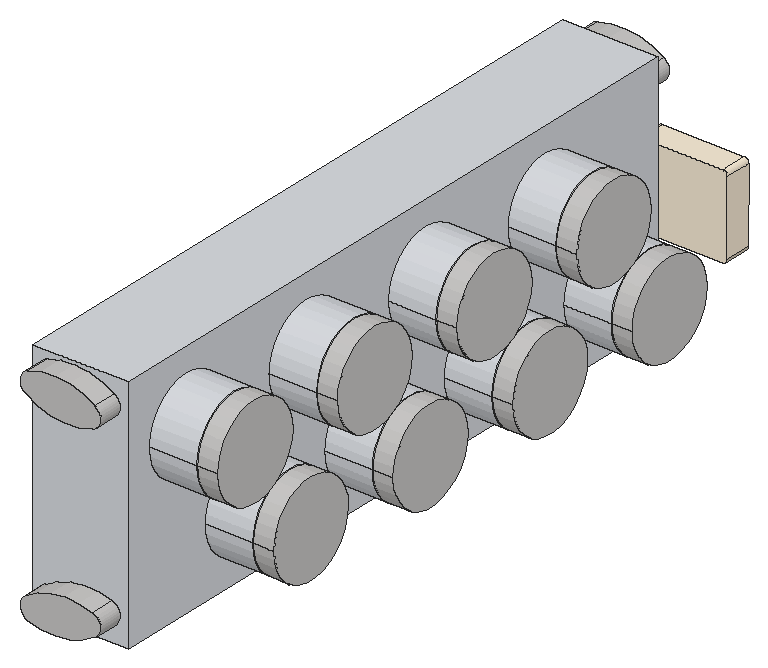
Revit family "HVAC_Ductwork_Airzone_Motorized-Plenum_Fujitsu_Standard_8-Dampers", category Mechanical Equipment, Revit 2016
Family settings
  Part Type = Normal
  Round Connector Dimension = Use Diameter
  OmniClass Number = 23.75.70.14
  OmniClass Title = Air Ductwork
  Work Plane-Based = No
  Always vertical = Yes
  Cut with Voids When Loaded = No
  Shared = No
  Room Calculation Point = No
Parameters (values of type "FUJST01L8")
  Voltage = 230 V
  URL = "www.airzone.es"
  Type Image Comments = "Image available in product documentation download"  # constant formula
  Revit Model Version = "1.0"  # constant formula
  Revit Model Author URL = "www.a3d.es"
  Revit Model Author = "A3D Consulting"  # constant formula
  Product Documentation Download URL = "http://doc.airzone.es/BIM/Easyzone/Fujitsu-Airzone_motorized_plenum.zip"
  Product Comments = "Refer to technical documentation for further details"  # constant formula
  Power Factor = 1
  Neck Width = 1079.500 mm
  Neck Length = 95.000 mm
  Neck Height = 198.600 mm
  Material = Metal - AIRZONE - Galvanized Sheet - Semi-polished
  Main Control Board Material = Plastic - AIRZONE - Smooth - Off-white
  Load Classification = Other
  Insulated Body Width = 205.000 mm  # constant formula
  Insulated Body Material = Metal -AIRZONE - Insulating Lining -Aluminum Finish
  Insulated Body Length = 1425.000 mm  # constant formula
  Insulated Body Height = 515.000 mm  # constant formula
  Fresh Air Inlet 4 Flow [instance] = 0 m³/h
  Fresh Air Inlet 3 Flow [instance] = 0 m³/h
  Flow [instance] = Damper 8 Air Flow + Damper 7 Air Flow + Damper 6 Air Flow + Damper 5 Air Flow + Damper 4 Air Flow + Damper 3 Air Flow + Damper 2 Air Flow + Damper 1 Air Flow - Fresh Air Inlet 4 Flow - Fresh Air Inlet 3 Flow - Fresh Air Inlet 2 Flow - Fresh Air Inlet 1 Flow  # 2400 m³/h
  Fresh Air Inlet 1 Flow [instance] = 0 m³/h
  Fresh Air Inlet 2 Flow [instance] = 0 m³/h
  Fresh Air Inlet Connection Width = 175.000 mm
  Fresh Air Inlet Connection Height = 75.000 mm
  Model = "FUJST01L8"
  Neck Side Offset = 172.800 mm
  Neck Bottom Offset = 165.700 mm
  Type Image = <None>
  Manufacturer = "AIRZONE"  # constant formula
  Main Control Board Depth = 57.000 mm  # constant formula
  Main Control Board Width = 195.000 mm  # constant formula
  Main Control Board Height = 180.000 mm  # constant formula
  Fixing = ""
  Disclaimer = "All information provided in this model is reviewed before being published. However, Airzone cannot guarantee this model is error-free, therefore users are strongly encouraged to check for technical documentation and updates"  # constant formula
  Description = "Airzone standard motorized plenum with neck that mechanically adapts to the main ducted AC units of Fujitsu."
  Type Comments = ""
  Dampers Length = 149.000 mm  # constant formula
  Dampers Diameter = 200.000 mm  # constant formula
  Damper 8 Air Flow [instance] = 300 m³/h
  Damper 7 Air Flow [instance] = 300 m³/h
  Damper 6 Air Flow [instance] = 300 m³/h
  Damper 5 Air Flow [instance] = 300 m³/h
  Damper 4 Air Flow [instance] = 300 m³/h
  Damper 1 Air Flow [instance] = 300 m³/h
  Damper 2 Air Flow [instance] = 300 m³/h
  Damper 3 Air Flow [instance] = 300 m³/h
  Fresh Air Inlet Connection Offset Height = 48.305 mm  # constant formula
  Compatible Accesories = ""
  Apparent Load = 57.5 VA
Types (2, lengths in mm): name | Neck Width | Neck Height | Model | Neck Side Offset | Neck Bottom Offset
  FUJST03L8 | 1165.600 | 220.600 | "FUJST03L8" | 194.700 | 162.700
  FUJST01L8 | 1079.500 | 198.600 | "FUJST01L8" | 172.800 | 165.700
Reference planes
  plane 1 "Center (Front/Back)": y = 0
  plane 2 "Center (Elevation)": z = 0
  plane 3 "Center (Left/Right)": x = 0
  plane 4 "Neck Back": y = 539.75
  plane 5 "Neck Front": y = -539.75
  plane 6 "Neck Top": z = 99.3
  plane 7 "Neck Bottom": z = -99.3
  plane 8 "Left": x = 95
  plane 9 "Bottom": z = -265
  plane 10 "Top": z = 250
  plane 11 "Front": y = -712.45
  plane 12 "Back": y = 712.55
  plane 13 "Right": x = 300
  plane 14 "Dampers Front": x = 449
  plane 15 "Dampers L1 Center (Elevation)": z = 100
  plane 16 "Damper3": y = -235.79
  plane 17 "Damper2": y = 85.88
  plane 18 "Damper1": y = 407.55
  plane 19 "Middle": y = 0.05
  plane 20 "FreshAir L2 Center (Elevation)": z = -216.695
  plane 21 "FreshAir1": y = 765.05
  plane 22 "FreshAir2": y = -764.95
  plane 23 "Dampers Lining": x = 404
  plane 24 "FreshAir Vertical Axis": x = 195.83
  plane 25 "ConnectionBox Side": x = 254
  plane 26 "Main Control Board Center (Left/Right)": x = 351.5
  plane 27 "Damper4": y = -557.46
  plane 28 "Dampers L2 Center (Elevation)": z = -115
  plane 29 "Damper5": y = 557.56
  plane 30 "Damper6": y = 235.89
  plane 31 "Damper7": y = -85.78
  plane 32 "Damper8": y = -407.45
  plane 33 "InsulatedBody Center (Elevation)": z = -7.5
  plane 34 "FreshAir L1 Center (Elevation)": z = 201.695
Forms (mm)
  Extrusion 1, solid, material "Metal - AIRZONE - Galvanized Sheet - Semi-polished" <- "Material"
    sketch origin (0, 0, 0) x (0, 1, 0) y (0, 0, 1)
      loop
        line (-539.75, 99.3) -> (-539.75, -99.3) -> (539.75, -99.3) -> (539.75, 99.3) -> (-539.75, 99.3)
    from 0 to 95
  Extrusion 2, solid, material "Metal -AIRZONE - Insulating Lining -Aluminum Finish" <- "Insulated Body Material"
    sketch origin (95, 0, 0) x (0, 1, 0) y (0, 0, 1)
      loop
        line (-712.45, 250) -> (-712.45, -265) -> (712.55, -265) -> (712.55, 250) -> (-712.45, 250)
    from 0 to 205
  Extrusion 3, solid, material "Metal - AIRZONE - Galvanized Sheet - Semi-polished" <- "Material"
    sketch origin (300, 0, 0) x (0, 1, 0) y (0, 0, 1)
      loop
        circle (-235.79, 100) r 100
    from 104 to 149
  Extrusion 4, solid, material "Metal - AIRZONE - Galvanized Sheet - Semi-polished" <- "Material"
    sketch origin (300, 0, 0) x (0, 1, 0) y (0, 0, 1)
      loop
        circle (85.88, 100) r 100
    from 104 to 149
  Extrusion 5, solid, material "Metal - AIRZONE - Galvanized Sheet - Semi-polished" <- "Material"
    sketch origin (300, 0, 0) x (0, 1, 0) y (0, 0, 1)
      loop
        circle (407.55, 100) r 100
    from 104 to 149
  Extrusion 6, solid, material "Metal - AIRZONE - Galvanized Sheet - Semi-polished" <- "Material"
    sketch origin (0, -712.45, 0) x (0, 0, 1) y (1, 0, 0)
      loop
        arc (-184.141, 265.204) -> (-205.608, 282.105) -> (-230.312, 270.434) r 25.96
        arc (-230.312, 270.434) -> (-256.302, 200.598) -> (-248.849, 126.456) r 164.67
        arc (-248.849, 126.456) -> (-227.665, 109.589) -> (-202.994, 120.751) r 25.96
        arc (-202.994, 120.751) -> (-176.725, 190.78) -> (-184.141, 265.204) r 164.67
    from 0 to -52.5
  Extrusion 7, solid, material "Metal - AIRZONE - Galvanized Sheet - Semi-polished" <- "Material"
    sketch origin (0, 712.55, 0) x (0, 0, 1) y (1, 0, 0)
      loop
        arc (-184.141, 265.204) -> (-205.325, 282.071) -> (-229.996, 270.909) r 25.96
        arc (-229.996, 270.909) -> (-256.179, 201.53) -> (-249.267, 127.699) r 164.67
        arc (-249.267, 127.699) -> (-228.032, 109.637) -> (-202.678, 121.226) r 25.96
        arc (-202.678, 121.226) -> (-176.688, 191.062) -> (-184.141, 265.204) r 164.67
    from 0 to 52.5
  Extrusion 8, solid, material "Metal -AIRZONE - Insulating Lining -Aluminum Finish" <- "Insulated Body Material"
    sketch origin (300, 0, 0) x (0, 1, 0) y (0, 0, 1)
      loop
        circle (407.55, 100) r 100
    from 0 to 104
  Extrusion 9, solid, material "Metal -AIRZONE - Insulating Lining -Aluminum Finish" <- "Insulated Body Material"
    sketch origin (300, -260, 0) x (0, 1, 0) y (0, 0, 1)
      loop
        circle (345.88, 100) r 100
    from 0 to 104
  Extrusion 10, solid, material "Metal -AIRZONE - Insulating Lining -Aluminum Finish" <- "Insulated Body Material"
    sketch origin (300, -520, 0) x (0, 1, 0) y (0, 0, 1)
      loop
        circle (284.21, 100) r 100
    from 0 to 104
  Extrusion 11, solid, material "Metal - AIRZONE - Galvanized Sheet - Semi-polished" <- "Material"
    sketch origin (300, -190, 0) x (0, 1, 0) y (0, 0, 1)
      loop
        circle (-367.46, 100) r 100
    from 104 to 149
  Extrusion 12, solid, material "Metal -AIRZONE - Insulating Lining -Aluminum Finish" <- "Insulated Body Material"
    sketch origin (300, -710, 0) x (0, 1, 0) y (0, 0, 1)
      loop
        circle (152.54, 100) r 100
    from 0 to 104
  Extrusion 13, solid, material "Metal -AIRZONE - Insulating Lining -Aluminum Finish" <- "Insulated Body Material"
    sketch origin (300, -100, 0) x (0, 1, 0) y (0, 0, 1)
      loop
        circle (657.56, -115) r 100
    from 0 to 104
  Extrusion 14, solid, material "Metal - AIRZONE - Galvanized Sheet - Semi-polished" <- "Material"
    sketch origin (300, 150.01, 0) x (0, 1, 0) y (0, 0, 1)
      loop
        circle (407.55, -115) r 100
    from 104 to 149
  Extrusion 15, solid, material "Metal -AIRZONE - Insulating Lining -Aluminum Finish" <- "Insulated Body Material"
    sketch origin (300, -421.67, 0) x (0, 1, 0) y (0, 0, 1)
      loop
        circle (657.56, -115) r 100
    from 0 to 104
  Extrusion 16, solid, material "Metal - AIRZONE - Galvanized Sheet - Semi-polished" <- "Material"
    sketch origin (300, -171.66, 0) x (0, 1, 0) y (0, 0, 1)
      loop
        circle (407.55, -115) r 100
    from 104 to 149
  Extrusion 17, solid, material "Metal -AIRZONE - Insulating Lining -Aluminum Finish" <- "Insulated Body Material"
    sketch origin (300, -743.34, 0) x (0, 1, 0) y (0, 0, 1)
      loop
        circle (657.56, -115) r 100
    from 0 to 104
  Extrusion 18, solid, material "Metal - AIRZONE - Galvanized Sheet - Semi-polished" <- "Material"
    sketch origin (300, -493.33, 0) x (0, 1, 0) y (0, 0, 1)
      loop
        circle (407.55, -115) r 100
    from 104 to 149
  Extrusion 19, solid, material "Metal -AIRZONE - Insulating Lining -Aluminum Finish" <- "Insulated Body Material"
    sketch origin (300, -1065.01, 0) x (0, 1, 0) y (0, 0, 1)
      loop
        circle (657.56, -115) r 100
    from 0 to 104
  Extrusion 20, solid, material "Metal - AIRZONE - Galvanized Sheet - Semi-polished" <- "Material"
    sketch origin (300, -815, 0) x (0, 1, 0) y (0, 0, 1)
      loop
        circle (407.55, -115) r 100
    from 104 to 149
  Extrusion 21, solid, material "Metal - AIRZONE - Galvanized Sheet - Semi-polished" <- "Material"
    sketch origin (0, -712.45, -30) x (0, 0, -1) y (-1, 0, 0)
      loop
        arc (-199.141, -265.204) -> (-191.725, -190.78) -> (-217.994, -120.751) r 164.67
        arc (-217.994, -120.751) -> (-242.665, -109.589) -> (-263.849, -126.456) r 25.96
        arc (-263.849, -126.456) -> (-271.302, -200.598) -> (-245.312, -270.434) r 164.67
        arc (-245.312, -270.434) -> (-220.608, -282.105) -> (-199.141, -265.204) r 25.96
    from 0 to -52.5
  Extrusion 22, solid, material "Metal - AIRZONE - Galvanized Sheet - Semi-polished" <- "Material"
    sketch origin (0, 712.55, -30) x (0, 0, -1) y (-1, 0, 0)
      loop
        arc (-199.141, -265.204) -> (-191.688, -191.062) -> (-217.678, -121.226) r 164.67
        arc (-217.678, -121.226) -> (-243.032, -109.637) -> (-264.267, -127.699) r 25.96
        arc (-264.267, -127.699) -> (-271.179, -201.53) -> (-244.996, -270.909) r 164.67
        arc (-244.996, -270.909) -> (-220.325, -282.071) -> (-199.141, -265.204) r 25.96
    from 0 to 52.5
Lines and regions (mm)
  Masking region 1
    outline origin (0, 0, 0) x (1, 0, 0) y (0, 1, 0)
      loop
        line (95, 712.55) -> (95, -712.45) -> (300, -712.45) -> (300, 712.55) -> (95, 712.55)
  Masking region 2, detail levels medium+fine
    outline origin (0, 0, 0) x (1, 0, 0) y (0, 1, 0)
      loop
        line (0, 539.75) -> (0, -539.75) -> (95, -539.75) -> (95, 539.75) -> (0, 539.75)
  Masking region 3, detail levels medium+fine
    outline origin (0, 0, -216.695) x (1, 0, 0) y (0, 1, 0)
      loop
        line (108.33, 765.05) -> (108.33, 712.55) -> (283.33, 712.55) -> (283.33, 765.05) -> (108.33, 765.05)
  Masking region 4, detail levels medium+fine
    outline origin (0, 0, -216.695) x (1, 0, 0) y (0, 1, 0)
      loop
        line (108.33, -712.45) -> (108.33, -764.95) -> (283.33, -764.95) -> (283.33, -712.45) -> (108.33, -712.45)
  Masking region 5, detail levels medium+fine
    outline origin (0, 0, 0) x (1, 0, 0) y (0, 1, 0)
      loop
        line (254, 769.55) -> (254, 712.55) -> (449, 712.55) -> (449, 769.55) -> (254, 769.55)
  Masking region 6, detail levels medium+fine
    outline origin (0, 0, 100) x (0, -1, 0) y (1, 0, 0)
      loop
        line (457.46, 300) -> (657.46, 300) -> (657.46, 449) -> (457.46, 449) -> (457.46, 300)
  Masking region 7, detail levels medium+fine
    outline origin (0, 321.67, 100) x (0, -1, 0) y (1, 0, 0)
      loop
        line (457.46, 300) -> (657.46, 300) -> (657.46, 449) -> (457.46, 449) -> (457.46, 300)
  Masking region 8, detail levels medium+fine
    outline origin (0, 643.34, 100) x (0, -1, 0) y (1, 0, 0)
      loop
        line (457.46, 300) -> (657.46, 300) -> (657.46, 449) -> (457.46, 449) -> (457.46, 300)
  Masking region 9, detail levels medium+fine
    outline origin (0, 965.01, 100) x (0, -1, 0) y (1, 0, 0)
      loop
        line (457.46, 300) -> (657.46, 300) -> (657.46, 449) -> (457.46, 449) -> (457.46, 300)
  Masking region 10, detail levels medium+fine
    outline origin (0, 0, -115) x (0, -1, 0) y (1, 0, 0)
      loop
        line (-657.56, 300) -> (-457.56, 300) -> (-457.56, 449) -> (-657.56, 449) -> (-657.56, 300)
  Masking region 11, detail levels medium+fine
    outline origin (0, -321.67, -115) x (0, -1, 0) y (1, 0, 0)
      loop
        line (-657.56, 300) -> (-457.56, 300) -> (-457.56, 449) -> (-657.56, 449) -> (-657.56, 300)
  Masking region 12, detail levels medium+fine
    outline origin (0, -643.34, -115) x (0, -1, 0) y (1, 0, 0)
      loop
        line (-657.56, 300) -> (-457.56, 300) -> (-457.56, 449) -> (-657.56, 449) -> (-657.56, 300)
  Masking region 13, detail levels medium+fine
    outline origin (0, -965.01, -115) x (0, -1, 0) y (1, 0, 0)
      loop
        line (-657.56, 300) -> (-457.56, 300) -> (-457.56, 449) -> (-657.56, 449) -> (-657.56, 300)
  symbolic lines, detail levels coarse
    curve 1: line (95, -712.45, 0) -> (300, 0.05, 0)
    curve 2: line (300, 0.05, 0) -> (95, 712.55, 0)
Dimensions and locks
  equal spacing: plane 4 "Neck Back", plane 1 "Center (Front/Back)", plane 5 "Neck Front"
  "Neck Width": plane 4 "Neck Back" to plane 5 "Neck Front"
  equal spacing: plane 6 "Neck Top", level, plane 7 "Neck Bottom"
  "Neck Height": plane 6 "Neck Top" to plane 7 "Neck Bottom"
  "Neck Length": plane 3 "Center (Left/Right)" to plane 8 "Left"
  "Neck Bottom Offset": plane 7 "Neck Bottom" to plane 9 "Bottom"
  "Insulated Body Height": plane 10 "Top" to plane 9 "Bottom"
  "Insulated Body Length": plane 12 "Back" to plane 11 "Front"
  "Insulated Body Width": plane 8 "Left" to plane 13 "Right"
  "Dampers Length": plane 13 "Right" to plane 14 "Dampers Front"
  equal spacing: plane 12 "Back", plane 19 "Middle", plane 11 "Front"
  plane 8 "Left" to plane 13 "Right" = 205.000 mm
  "Fresh Air Inlet Connection Offset Height": plane 20 "FreshAir L2 Center (Elevation)" to plane 9 "Bottom"
  locked: Extrusion 6 sketch curve to plane 9 "Bottom" at 56.47
  locked: plane 13 "Right" to Extrusion 6 sketch curve at 43.69
  locked: plane 13 "Right" to Extrusion 6 sketch curve at 164.65
  locked: Extrusion 6 sketch curve to plane 9 "Bottom" at 40.54
  locked: plane 13 "Right" to Extrusion 6 sketch curve at 87.91
  locked: plane 9 "Bottom" to Extrusion 6 sketch curve at 75.01
  locked: plane 13 "Right" to Extrusion 6 sketch curve at 120.43
  locked: Extrusion 6 sketch curve to plane 9 "Bottom" at 172.02
  locked: plane 13 "Right" to Extrusion 7 sketch curve at 43.69
  locked: Extrusion 7 sketch curve to plane 9 "Bottom" at 56.47
  locked: Extrusion 7 sketch curve to plane 9 "Bottom" at 40.54
  locked: plane 13 "Right" to Extrusion 7 sketch curve at 164.65
  locked: plane 13 "Right" to Extrusion 7 sketch curve at 120.43
  locked: Extrusion 7 sketch curve to plane 9 "Bottom" at 172.02
  locked: plane 9 "Bottom" to Extrusion 7 sketch curve at 75.01
  locked: plane 13 "Right" to Extrusion 7 sketch curve at 87.91
  "Neck Side Offset": plane 12 "Back" to plane 4 "Neck Back"
  locked: plane 21 "FreshAir1" to plane 12 "Back" at 52.5
  plane 11 "Front" to plane 22 "FreshAir2" = 52.500 mm
  locked: connector elem to plane 13 "Right" at 104.17
  locked: plane 20 "FreshAir L2 Center (Elevation)" to connector elem
  locked: plane 13 "Right" to connector elem at 104.17
  locked: connector elem to plane 20 "FreshAir L2 Center (Elevation)"
  locked: plane 23 "Dampers Lining" to plane 14 "Dampers Front" at 45
  locked: plane 24 "FreshAir Vertical Axis" to plane 13 "Right" at 104.17
  equal spacing: Masking region 3 sketch curve, plane 24 "FreshAir Vertical Axis", Masking region 3 sketch curve
  "Fresh Air Inlet Connection Width": Masking region 3 sketch curve to Masking region 3 sketch curve
  equal spacing: Masking region 4 sketch curve, plane 24 "FreshAir Vertical Axis", Masking region 4 sketch curve
  "Fresh Air Inlet Connection Width": Masking region 4 sketch curve to Masking region 4 sketch curve
  "Main Control Board Depth": Masking region 5 sketch curve to plane 12 "Back"
  "Main Control Board Width": plane 25 "ConnectionBox Side" to plane 14 "Dampers Front"
  equal spacing: plane 25 "ConnectionBox Side", plane 26 "Main Control Board Center (Left/Right)", plane 14 "Dampers Front"
  equal spacing: Masking region 6 sketch curve, plane 27 "Damper4", Masking region 6 sketch curve
  "Dampers Diameter": Masking region 6 sketch curve to Masking region 6 sketch curve
  plane 18 "Damper1" to plane 17 "Damper2" to plane 16 "Damper3" to plane 27 "Damper4" = 321.670 mm locked, 321.670 mm locked, 321.670 mm locked
  locked: plane 17 "Damper2" to plane 19 "Middle" at 85.83
  locked: plane 10 "Top" to plane 15 "Dampers L1 Center (Elevation)" at 150
  locked: plane 28 "Dampers L2 Center (Elevation)" to plane 9 "Bottom" at 150
  plane 29 "Damper5" to plane 30 "Damper6" to plane 31 "Damper7" to plane 32 "Damper8" = 321.670 mm locked, 321.670 mm locked, 321.670 mm locked
  locked: plane 19 "Middle" to plane 31 "Damper7" at 85.83
  equal spacing: Masking region 7 sketch curve, plane 16 "Damper3", Masking region 7 sketch curve
  "Dampers Diameter": Masking region 7 sketch curve to Masking region 7 sketch curve
  equal spacing: Masking region 8 sketch curve, plane 17 "Damper2", Masking region 8 sketch curve
  "Dampers Diameter": Masking region 8 sketch curve to Masking region 8 sketch curve
  equal spacing: Masking region 9 sketch curve, plane 18 "Damper1", Masking region 9 sketch curve
  "Dampers Diameter": Masking region 9 sketch curve to Masking region 9 sketch curve
  equal spacing: Masking region 10 sketch curve, plane 29 "Damper5", Masking region 10 sketch curve
  "Dampers Diameter": Masking region 10 sketch curve to Masking region 10 sketch curve
  equal spacing: Masking region 11 sketch curve, plane 30 "Damper6", Masking region 11 sketch curve
  "Dampers Diameter": Masking region 11 sketch curve to Masking region 11 sketch curve
  equal spacing: Masking region 12 sketch curve, plane 31 "Damper7", Masking region 12 sketch curve
  "Dampers Diameter": Masking region 12 sketch curve to Masking region 12 sketch curve
  equal spacing: Masking region 13 sketch curve, plane 32 "Damper8", Masking region 13 sketch curve
  "Dampers Diameter": Masking region 13 sketch curve to Masking region 13 sketch curve
  equal spacing: plane 10 "Top", plane 33 "InsulatedBody Center (Elevation)", plane 9 "Bottom"
  locked: plane 13 "Right" to Extrusion 21 sketch curve at 43.69
  locked: plane 13 "Right" to Extrusion 21 sketch curve at 87.91
  locked: plane 13 "Right" to Extrusion 21 sketch curve at 120.43
  locked: plane 13 "Right" to Extrusion 21 sketch curve at 164.65
  locked: Extrusion 21 sketch curve to plane 10 "Top" at 75.01
  locked: plane 10 "Top" to Extrusion 21 sketch curve at 40.54
  locked: plane 10 "Top" to Extrusion 21 sketch curve at 56.47
  locked: plane 10 "Top" to Extrusion 21 sketch curve at 172.02
  locked: plane 10 "Top" to Extrusion 22 sketch curve at 75.01
  locked: Extrusion 22 sketch curve to plane 10 "Top" at 40.54
  locked: Extrusion 22 sketch curve to plane 10 "Top" at 56.47
  locked: Extrusion 22 sketch curve to plane 10 "Top" at 172.02
  locked: plane 13 "Right" to Extrusion 22 sketch curve at 43.69
  locked: plane 13 "Right" to Extrusion 22 sketch curve at 87.91
  locked: plane 13 "Right" to Extrusion 22 sketch curve at 120.43
  locked: plane 13 "Right" to Extrusion 22 sketch curve at 164.65
  "Fresh Air Inlet Connection Offset Height": plane 10 "Top" to plane 34 "FreshAir L1 Center (Elevation)"
  locked: connector elem to plane 24 "FreshAir Vertical Axis"  (x2)
  locked: connector elem to plane 34 "FreshAir L1 Center (Elevation)"  (x2)
  "Dampers Diameter": diameter of Extrusion 3 sketch curve
  "Dampers Diameter": diameter of Extrusion 4 sketch curve
  "Dampers Diameter": diameter of Extrusion 5 sketch curve
  radius of Extrusion 7 sketch curve = 164.670 mm  (x2)
  radius of Extrusion 7 sketch curve = 25.960 mm  (x2)
  radius of Extrusion 6 sketch curve = 164.670 mm  (x2)
  radius of Extrusion 6 sketch curve = 25.960 mm  (x2)
  "Dampers Diameter": diameter of Extrusion 8 sketch curve
  "Dampers Diameter": diameter of Extrusion 9 sketch curve
  "Dampers Diameter": diameter of Extrusion 10 sketch curve
  "Dampers Diameter": diameter of Extrusion 11 sketch curve
  "Dampers Diameter": diameter of Extrusion 12 sketch curve
  "Dampers Diameter": diameter of Extrusion 13 sketch curve
  "Dampers Diameter": diameter of Extrusion 14 sketch curve
  "Dampers Diameter": diameter of Extrusion 15 sketch curve
  "Dampers Diameter": diameter of Extrusion 16 sketch curve
  "Dampers Diameter": diameter of Extrusion 17 sketch curve
  "Dampers Diameter": diameter of Extrusion 18 sketch curve
  "Dampers Diameter": diameter of Extrusion 19 sketch curve
  "Dampers Diameter": diameter of Extrusion 20 sketch curve
  radius of Extrusion 21 sketch curve = 164.670 mm  (x2)
  radius of Extrusion 21 sketch curve = 25.960 mm  (x2)
  radius of Extrusion 22 sketch curve = 164.670 mm  (x2)
  radius of Extrusion 22 sketch curve = 25.960 mm  (x2)
  aligned and locked: level to plane 2 "Center (Elevation)"
  aligned and locked: plane 5 "Neck Front" to Extrusion 1 sketch curve
  aligned and locked: Extrusion 1 sketch curve to plane 6 "Neck Top"
  aligned and locked: Extrusion 1 sketch curve to plane 4 "Neck Back"
  aligned and locked: plane 7 "Neck Bottom" to Extrusion 1 sketch curve
  aligned and locked: Extrusion 1 to plane 3 "Center (Left/Right)"
  aligned and locked: Extrusion 2 sketch curve to plane 10 "Top"
  aligned and locked: Extrusion 2 sketch curve to plane 12 "Back"
  aligned and locked: plane 9 "Bottom" to Extrusion 2 sketch curve
  aligned and locked: plane 11 "Front" to Extrusion 2 sketch curve
  aligned and locked: plane 13 "Right" to Extrusion 2
  aligned and locked: Extrusion 2 to plane 8 "Left"
  aligned and locked: plane 16 "Damper3" to Extrusion 3 sketch curve
  aligned and locked: plane 15 "Dampers L1 Center (Elevation)" to Extrusion 3 sketch curve
  aligned and locked: plane 15 "Dampers L1 Center (Elevation)" to Extrusion 4 sketch curve
  aligned and locked: plane 18 "Damper1" to Extrusion 5 sketch curve
  aligned and locked: plane 15 "Dampers L1 Center (Elevation)" to Extrusion 5 sketch curve
  aligned and locked: plane 14 "Dampers Front" to Extrusion 5
  aligned and locked: plane 14 "Dampers Front" to Extrusion 4
  aligned and locked: plane 14 "Dampers Front" to Extrusion 3
  aligned and locked: plane 8 "Left" to Extrusion 1
  aligned and locked: plane 22 "FreshAir2" to Extrusion 6
  aligned and locked: plane 21 "FreshAir1" to Extrusion 7
  aligned and locked: Extrusion 7 to plane 12 "Back"
  aligned and locked: plane 11 "Front" to Extrusion 6
  aligned and locked: Extrusion 5 to plane 23 "Dampers Lining"
  aligned and locked: Extrusion 5 to Extrusion 4
  aligned and locked: Extrusion 4 to Extrusion 3
  aligned and locked: plane 23 "Dampers Lining" to Extrusion 8
  aligned and locked: Extrusion 10 to plane 13 "Right"
  aligned and locked: plane 23 "Dampers Lining" to Extrusion 10
  aligned and locked: Extrusion 9 to plane 13 "Right"
  aligned and locked: plane 23 "Dampers Lining" to Extrusion 9
  aligned and locked: Extrusion 8 to plane 13 "Right"
  aligned and locked: Extrusion 9 to Extrusion 8
  aligned and locked: plane 18 "Damper1" to Extrusion 8 sketch curve
  aligned and locked: plane 15 "Dampers L1 Center (Elevation)" to Extrusion 8 sketch curve
  aligned and locked: plane 15 "Dampers L1 Center (Elevation)" to Extrusion 9 sketch curve
  aligned and locked: plane 16 "Damper3" to Extrusion 10 sketch curve
  aligned and locked: plane 15 "Dampers L1 Center (Elevation)" to Extrusion 10 sketch curve
  aligned and locked: Masking region 1 sketch curve to plane 12 "Back"
  aligned and locked: plane 8 "Left" to Masking region 1 sketch curve
  aligned and locked: Masking region 1 sketch curve to plane 13 "Right"
  aligned and locked: plane 11 "Front" to Masking region 1 sketch curve
  aligned and locked: plane 5 "Neck Front" to Masking region 2 sketch curve
  aligned and locked: plane 3 "Center (Left/Right)" to Masking region 2 sketch curve
  aligned and locked: Masking region 2 sketch curve to plane 4 "Neck Back"
  aligned and locked: Masking region 2 sketch curve to plane 8 "Left"
  aligned and locked: plane 12 "Back" to Masking region 3 sketch curve
  aligned and locked: Masking region 3 sketch curve to plane 21 "FreshAir1"
  aligned and locked: Masking region 4 sketch curve to plane 11 "Front"
  aligned and locked: Masking region 4 sketch curve to plane 22 "FreshAir2"
  aligned and locked: plane 12 "Back" to Masking region 5 sketch curve
  aligned and locked: Masking region 5 sketch curve to plane 14 "Dampers Front"
  aligned and locked: plane 25 "ConnectionBox Side" to Masking region 5 sketch curve
  aligned and locked: plane 17 "Damper2" to Extrusion 9 sketch curve
  aligned and locked: plane 17 "Damper2" to Extrusion 4 sketch curve
  aligned and locked: Masking region 6 sketch curve to plane 14 "Dampers Front"
  aligned and locked: plane 13 "Right" to Masking region 6 sketch curve
  aligned and locked: Extrusion 12 to plane 13 "Right"
  aligned and locked: plane 23 "Dampers Lining" to Extrusion 12
  aligned and locked: Extrusion 11 to plane 23 "Dampers Lining"
  aligned and locked: plane 14 "Dampers Front" to Extrusion 11
  aligned and locked: plane 15 "Dampers L1 Center (Elevation)" to Extrusion 12 sketch curve
  aligned and locked: plane 27 "Damper4" to Extrusion 12 sketch curve
  aligned and locked: plane 15 "Dampers L1 Center (Elevation)" to Extrusion 11 sketch curve
  aligned and locked: plane 27 "Damper4" to Extrusion 11 sketch curve
  aligned and locked: Extrusion 13 to plane 13 "Right"
  aligned and locked: plane 23 "Dampers Lining" to Extrusion 13
  aligned and locked: plane 28 "Dampers L2 Center (Elevation)" to Extrusion 13 sketch curve
  aligned and locked: plane 29 "Damper5" to Extrusion 13 sketch curve
  aligned and locked: Extrusion 14 to plane 23 "Dampers Lining"
  aligned and locked: plane 14 "Dampers Front" to Extrusion 14
  aligned and locked: plane 28 "Dampers L2 Center (Elevation)" to Extrusion 14 sketch curve
  aligned and locked: plane 29 "Damper5" to Extrusion 14 sketch curve
  aligned and locked: Extrusion 15 to plane 13 "Right"
  aligned and locked: plane 23 "Dampers Lining" to Extrusion 15
  aligned and locked: Extrusion 17 to plane 13 "Right"
  aligned and locked: plane 23 "Dampers Lining" to Extrusion 17
  aligned and locked: Extrusion 19 to plane 13 "Right"
  aligned and locked: plane 23 "Dampers Lining" to Extrusion 19
  aligned and locked: Extrusion 20 to plane 23 "Dampers Lining"
  aligned and locked: plane 14 "Dampers Front" to Extrusion 20
  aligned and locked: Extrusion 18 to plane 23 "Dampers Lining"
  aligned and locked: plane 14 "Dampers Front" to Extrusion 18
  aligned and locked: Extrusion 16 to plane 23 "Dampers Lining"
  aligned and locked: plane 14 "Dampers Front" to Extrusion 16
  aligned and locked: plane 30 "Damper6" to Extrusion 16 sketch curve
  aligned and locked: plane 28 "Dampers L2 Center (Elevation)" to Extrusion 16 sketch curve
  aligned and locked: plane 31 "Damper7" to Extrusion 18 sketch curve
  aligned and locked: plane 28 "Dampers L2 Center (Elevation)" to Extrusion 18 sketch curve
  aligned and locked: plane 32 "Damper8" to Extrusion 20 sketch curve
  aligned and locked: plane 28 "Dampers L2 Center (Elevation)" to Extrusion 20 sketch curve
  aligned and locked: plane 32 "Damper8" to Extrusion 19 sketch curve
  aligned and locked: plane 28 "Dampers L2 Center (Elevation)" to Extrusion 19 sketch curve
  aligned and locked: plane 28 "Dampers L2 Center (Elevation)" to Extrusion 17 sketch curve
  aligned and locked: plane 31 "Damper7" to Extrusion 17 sketch curve
  aligned and locked: plane 30 "Damper6" to Extrusion 15 sketch curve
  aligned and locked: plane 28 "Dampers L2 Center (Elevation)" to Extrusion 15 sketch curve
  aligned and locked: plane 13 "Right" to Masking region 7 sketch curve
  aligned and locked: Masking region 7 sketch curve to plane 14 "Dampers Front"
  aligned and locked: plane 13 "Right" to Masking region 8 sketch curve
  aligned and locked: Masking region 8 sketch curve to plane 14 "Dampers Front"
  aligned and locked: plane 13 "Right" to Masking region 9 sketch curve
  aligned and locked: Masking region 9 sketch curve to plane 14 "Dampers Front"
  aligned and locked: plane 13 "Right" to Masking region 10 sketch curve
  aligned and locked: Masking region 10 sketch curve to plane 14 "Dampers Front"
  aligned and locked: plane 13 "Right" to Masking region 13 sketch curve
  aligned and locked: Masking region 13 sketch curve to plane 14 "Dampers Front"
  aligned and locked: plane 13 "Right" to Masking region 12 sketch curve
  aligned and locked: Masking region 12 sketch curve to plane 14 "Dampers Front"
  aligned and locked: plane 13 "Right" to Masking region 11 sketch curve
  aligned and locked: Masking region 11 sketch curve to plane 14 "Dampers Front"
  aligned and locked: plane 11 "Front" to Extrusion 21
  aligned and locked: plane 22 "FreshAir2" to Extrusion 21
  aligned and locked: plane 21 "FreshAir1" to Extrusion 22
  aligned and locked: Extrusion 22 to plane 12 "Back"
  aligned and locked: nested 1 to plane 12 "Back"
  aligned and locked: nested 1 to plane 26 "Main Control Board Center (Left/Right)"
  aligned and locked: nested 1 to plane 33 "InsulatedBody Center (Elevation)"
Automatic sketch dimensions
  curve 2 to plane 8 "Left" = 0.000 mm
  curve 1 to plane 8 "Left" = 0.000 mm
  curve 2 to plane 13 "Right" = 0.000 mm
  curve 1 to plane 11 "Front" = 0.000 mm
  curve 2 to plane 19 "Middle" = 0.000 mm
  curve 2 to plane 12 "Back" = 0.000 mm
Nested families
  nested 1: "Airzone_Main-Control-Board" at (351.5, 712.55, -7.5) x (-1, 0, 0) z (0, 1, 0), Extrusion <- "Main Control Board Depth", Height <- "Main Control Board Height", Width <- "Main Control Board Width", Material <- "Main Control Board Material", type "Standard"
    with Width 195.000 mm, Material Plastic - AIRZONE - Smooth - Off-white, Height 180.000 mm, Extrusion 57.000 mm
Connectors
  hvac at (449, -235.79, 100), driven by "Damper 3 Air Flow", driven by "Dampers Diameter"
    settings: on Extrusion 3, index 1, duct flow 300 m³/h, flow factor 0, pres drop 0.0 Pa, loss coef 0, conn angle 0.00°, conn width 304.8 mm, conn height 304.8 mm, conn diameter 200 mm, duct sys type 1, conn prof type 0, flow config 0, flow direction 2, loss method 0, conn ref index -1, conn util no, is conn primary no, conn desc "Supply Air Out 3"
  hvac at (449, 85.88, 100), driven by "Damper 2 Air Flow", driven by "Dampers Diameter"
    settings: on Extrusion 4, index 2, duct flow 300 m³/h, flow factor 0, pres drop 0.0 Pa, loss coef 0, conn angle 0.00°, conn width 304.8 mm, conn height 304.8 mm, conn diameter 200 mm, duct sys type 1, conn prof type 0, flow config 0, flow direction 2, loss method 0, conn ref index -1, conn util no, is conn primary no, conn desc "Supply Air Out 2"
  hvac at (449, 407.55, 100), driven by "Damper 1 Air Flow", driven by "Dampers Diameter"
    settings: on Extrusion 5, index 3, duct flow 300 m³/h, flow factor 0, pres drop 0.0 Pa, loss coef 0, conn angle 0.00°, conn width 304.8 mm, conn height 304.8 mm, conn diameter 200 mm, duct sys type 1, conn prof type 0, flow config 0, flow direction 2, loss method 0, conn ref index -1, conn util no, is conn primary no, conn desc "Supply Air Out 1"
  hvac at (0, 0, 0), driven by "Flow", driven by "Neck Height", driven by "Neck Width"
    settings: on Extrusion 1, index 6, duct flow 2400 m³/h, flow factor 0, pres drop 0.0 Pa, loss coef 0, conn angle 0.00°, conn width 1079.5 mm, conn height 198.6 mm, conn diameter 609.6 mm, duct sys type 1, conn prof type 1, flow config 1, flow direction 1, loss method 0, conn ref index -1, conn util no, is conn primary yes, conn desc "Supply Air In"
  hvac at (195.83, -764.95, -216.695), driven by "Fresh Air Inlet 4 Flow", driven by "Fresh Air Inlet Connection Width", driven by "Fresh Air Inlet Connection Height"
    settings: index 7, duct flow 0 m³/h, flow factor 0, pres drop 0.0 Pa, loss coef 0, conn angle 0.00°, conn width 175 mm, conn height 75 mm, conn diameter 609.6 mm, duct sys type 1, conn prof type 2, flow config 1, flow direction 1, loss method 0, conn ref index -1, conn util no, is conn primary no, conn desc "Fresh Air In 4"
  hvac at (195.83, 765.05, -216.695), driven by "Fresh Air Inlet 3 Flow", driven by "Fresh Air Inlet Connection Height", driven by "Fresh Air Inlet Connection Width"
    settings: index 8, duct flow 0 m³/h, flow factor 0, pres drop 0.0 Pa, loss coef 0, conn angle 0.00°, conn width 175 mm, conn height 75 mm, conn diameter 609.6 mm, duct sys type 1, conn prof type 2, flow config 1, flow direction 1, loss method 0, conn ref index -1, conn util no, is conn primary no, conn desc "Fresh Air In 3"
  hvac at (449, -557.46, 100), driven by "Damper 4 Air Flow", driven by "Dampers Diameter"
    settings: on Extrusion 11, index 9, duct flow 300 m³/h, flow factor 0, pres drop 0.0 Pa, loss coef 0, conn angle 0.00°, conn width 304.8 mm, conn height 304.8 mm, conn diameter 200 mm, duct sys type 1, conn prof type 0, flow config 0, flow direction 2, loss method 0, conn ref index -1, conn util no, is conn primary no, conn desc "Supply Air Out 4"
  hvac at (449, 557.56, -115), driven by "Dampers Diameter", driven by "Damper 5 Air Flow"
    settings: on Extrusion 14, index 10, duct flow 300 m³/h, flow factor 0, pres drop 0.0 Pa, loss coef 0, conn angle 0.00°, conn width 304.8 mm, conn height 304.8 mm, conn diameter 200 mm, duct sys type 1, conn prof type 0, flow config 0, flow direction 2, loss method 0, conn ref index -1, conn util no, is conn primary no, conn desc ""
  hvac at (449, 235.89, -115), driven by "Dampers Diameter", driven by "Damper 6 Air Flow"
    settings: on Extrusion 16, index 11, duct flow 300 m³/h, flow factor 0, pres drop 0.0 Pa, loss coef 0, conn angle 0.00°, conn width 304.8 mm, conn height 304.8 mm, conn diameter 200 mm, duct sys type 1, conn prof type 0, flow config 0, flow direction 2, loss method 0, conn ref index -1, conn util no, is conn primary no, conn desc ""
  hvac at (449, -85.78, -115), driven by "Dampers Diameter", driven by "Damper 7 Air Flow"
    settings: on Extrusion 18, index 12, duct flow 300 m³/h, flow factor 0, pres drop 0.0 Pa, loss coef 0, conn angle 0.00°, conn width 304.8 mm, conn height 304.8 mm, conn diameter 200 mm, duct sys type 1, conn prof type 0, flow config 0, flow direction 2, loss method 0, conn ref index -1, conn util no, is conn primary no, conn desc ""
  hvac at (449, -407.45, -115), driven by "Dampers Diameter", driven by "Damper 8 Air Flow"
    settings: on Extrusion 20, index 13, duct flow 300 m³/h, flow factor 0, pres drop 0.0 Pa, loss coef 0, conn angle 0.00°, conn width 304.8 mm, conn height 304.8 mm, conn diameter 200 mm, duct sys type 1, conn prof type 0, flow config 0, flow direction 2, loss method 0, conn ref index -1, conn util no, is conn primary no, conn desc ""
  hvac at (195.83, -764.95, 201.695), driven by "Fresh Air Inlet 2 Flow", driven by "Fresh Air Inlet Connection Height", driven by "Fresh Air Inlet Connection Width"
    settings: index 14, duct flow 0 m³/h, flow factor 0, pres drop 0.0 Pa, loss coef 0, conn angle 0.00°, conn width 175 mm, conn height 75 mm, conn diameter 609.6 mm, duct sys type 1, conn prof type 2, flow config 1, flow direction 1, loss method 0, conn ref index -1, conn util no, is conn primary no, conn desc "Fresh Air In 2"
  hvac at (195.83, 765.05, 201.695), driven by "Fresh Air Inlet 1 Flow", driven by "Fresh Air Inlet Connection Height", driven by "Fresh Air Inlet Connection Width"
    settings: index 15, duct flow 0 m³/h, flow factor 0, pres drop 0.0 Pa, loss coef 0, conn angle 0.00°, conn width 175 mm, conn height 75 mm, conn diameter 609.6 mm, duct sys type 1, conn prof type 2, flow config 1, flow direction 1, loss method 0, conn ref index -1, conn util no, is conn primary no, conn desc "Fresh Air In 1"
  electrical at (351.5, 769.55, -7.5), driven by "Load Classification", driven by "Voltage", driven by "Apparent Load", driven by "Power Factor"
    settings: on nested 1, index 16, voltage 230 V, apparent load 57.5 VA, apparent load phase1 0 VA, apparent load phase2 0 VA, apparent load phase3 0 VA, power factor 1, load classification "Other", number of poles 1, system type 30, power factor state 1, is connector primary yes, connector utility no, sub classification motor no, connector description "Power Supply"
Definition of nested family "Airzone_Main-Control-Board"
  Parameters (values of type "Standard")
    Width [instance] = 195.000 mm
    URL = "www.airzone.es"
    Revit Model Version = "1.0"  # constant formula
    Revit Model Author URL = "www.a3d.es"
    Revit Model Author = "A3D Consulting"  # constant formula
    Material [instance] = none
    Manufacturer = "AIRZONE"  # constant formula
    Height [instance] = 180.000 mm
    Extrusion [instance] = 57.000 mm
    Default Elevation = 0.000 mm
  Reference planes
    plane 1 "Center (Front/Back)": y = 0
    plane 2: z = 0
    plane 3 "Center (Left/Right)": x = 0
    plane 4: y = 90
    plane 5: y = -90
    plane 6: x = 97.5
    plane 7: x = -97.5
  Forms (mm)
    Extrusion 1, solid, material <- "Material"
      sketch origin (0, 0, 0) x (1, 0, 0) y (0, 1, 0)
        loop
          arc (-87.5, 90) -> (-94.571, 87.071) -> (-97.5, 80) r 10
          line (-97.5, 80) -> (-97.5, -80)
          arc (-97.5, -80) -> (-94.571, -87.071) -> (-87.5, -90) r 10
          line (-87.5, -90) -> (87.5, -90)
          arc (87.5, -90) -> (94.571, -87.071) -> (97.5, -80) r 10
          line (97.5, -80) -> (97.5, 80)
          arc (97.5, 80) -> (94.571, 87.071) -> (87.5, 90) r 10
          line (87.5, 90) -> (-87.5, 90)
      from 0 to 57 <- "Extrusion"
  Dimensions and locks
    equal spacing: plane 7, plane 3 "Center (Left/Right)", plane 6
    equal spacing: plane 4, plane 1 "Center (Front/Back)", plane 5
    "Width": plane 7 to plane 6
    "Height": plane 4 to plane 5
    radius of Extrusion 1 sketch curve = 10.000 mm  (x4)
    aligned and locked: level to plane 2
    aligned and locked: plane 5 to Extrusion 1 sketch curve
    aligned and locked: Extrusion 1 sketch curve to plane 6
    aligned and locked: Extrusion 1 sketch curve to plane 4
    aligned and locked: plane 7 to Extrusion 1 sketch curve
